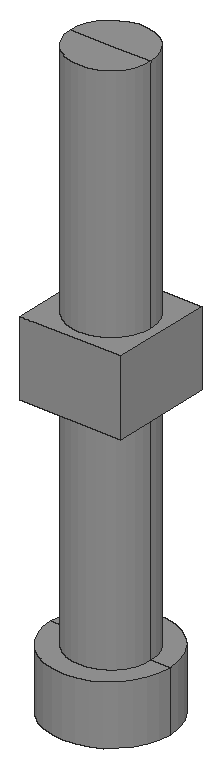
Revit family "hAmmereinsatz Typ 2520 für Staberder ST, BP und OMEX", category Generic Models, Revit 2015
Parameters (values of type "2520 25")
  Width 2 = 13.5 mm
  Width 1 = 7.9 mm
  Width = 20 mm
  URL = "http://www.obo-bettermann.com"
  Material = Steel
  Manufacturer Art.No. = "3043754"
  Manufacturer = "OBO Bettermann"
  Length = 33.8 mm
  Height 4 = 25 mm
  Height 3 = 120 mm
  Height 2 = 20 mm
  Height 1 = 52 mm
  Height = 200 mm
  GTIN = "4012195243854"
  Article Type = "2520 25"
Types (3, lengths in mm): name | Width 1 | Manufacturer Art.No. | Height 1 | GTIN | Article Type
  (no name) | 7.9 | "3043754" | 52 | "4012195243854" | "2520 25"
  2520 20 | 6.9 | "3043703" | 47 | "4012195243793" | "2520 20"
  2520 25 | 7.9 | "3043754" | 52 | "4012195243854" | "2520 25"
Reference planes
  plane 1 "Center (Front/Back)": y = 0
  plane 2: z = 0
  plane 3 "Center (Left/Right)": x = 0
  plane 4: z = 52
  plane 5: z = 20
  plane 6: z = 200
  plane 7: z = 120
  plane 8: z = 95
Forms (mm)
  Revolve 1, solid, material "Steel" <- "Material"
    sketch origin (0, 0, 0) x (1, 0, 0) y (0, 0, 1)
      loop
        line (0, 52) -> (7.9, 52) -> (7.9, 0) -> (20, 0) -> (20, 20) -> (13.5, 20) -> (13.5, 200) -> (0, 200) -> (0, 52)
      axis (0, 200) -> (0, 0)
    angle from 0 to 360
  Extrusion 2, solid, material "Steel" <- "Material"
    sketch origin (0, 0, 0) x (1, 0, 0) y (0, 1, 0)
      loop
        line (-16.9, 16.9) -> (-16.9, -16.9) -> (16.9, -16.9) -> (16.9, 16.9) -> (-16.9, 16.9)
    from 95 to 120
Dimensions and locks
  "Height 1": plane 4 to level
  "Height 2": plane 5 to level
  "Height": plane 6 to level
  "Width 1": Revolve 1 sketch curve to plane 3 "Center (Left/Right)"
  "Width": Revolve 1 sketch curve to plane 3 "Center (Left/Right)"
  "Width 2": Revolve 1 sketch curve to Revolve 1 sketch curve
  "Height 3": plane 7 to level
  "Height 4": plane 7 to plane 8
  "Length": Extrusion 2 sketch curve to Extrusion 2 sketch curve  (x2)
  equal spacing: Extrusion 2 sketch curve, plane 3 "Center (Left/Right)", Extrusion 2 sketch curve, locked at 16.9 each
  equal spacing: Extrusion 2 sketch curve, plane 1 "Center (Front/Back)", Extrusion 2 sketch curve, locked at 16.9 each
  aligned and locked: level to plane 2
  aligned and locked: Revolve 1 sketch curve to plane 4
  aligned and locked: Revolve 1 sketch curve to level
  aligned and locked: Revolve 1 sketch curve to plane 3 "Center (Left/Right)"
  aligned and locked: plane 6 to Revolve 1 sketch curve
  aligned and locked: Revolve 1 sketch curve to Revolve 1 sketch curve
  aligned and locked: Extrusion 2 to plane 8
  aligned and locked: plane 7 to Extrusion 2
Automatic sketch dimensions
  Revolve 1 sketch curve to plane 3 "Center (Left/Right)" = 0 mm
  Revolve 1 sketch curve to plane 5 = 0 mm  (x2)
